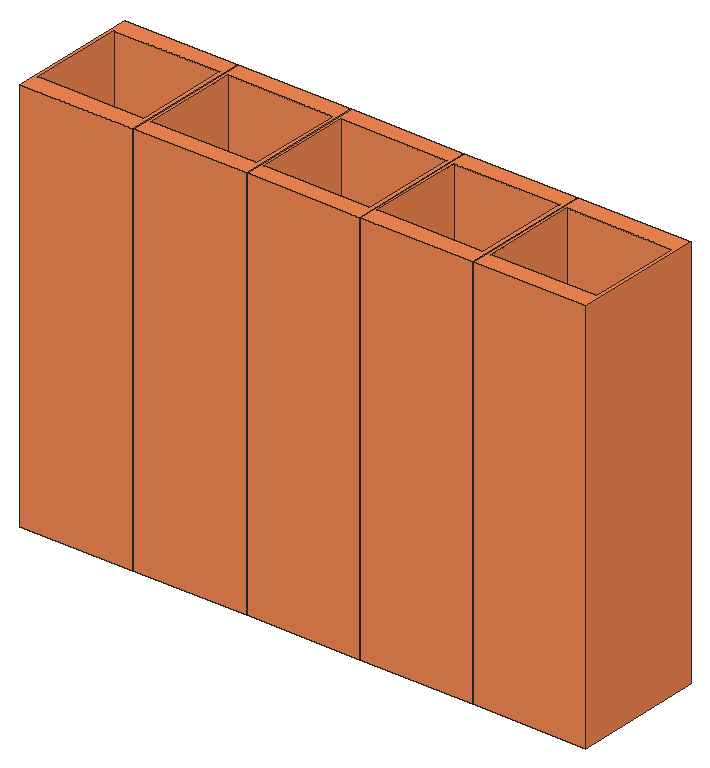
Revit family "Legrand_ElectricFireStopping_EZPathFirestopModule_Series44_Floor", category Equipement spécialisé, Revit 2020
Family settings
  Hôte = Sol
  Cote de connecteur circulaire = Utiliser le diamètre
  Type d'élément = Normal
  Numéro OmniClass = 23.20.50.14
  Titre OmniClass = Firestopping
  Toujours verticalement = Oui
  Couper avec des vides une fois chargée = Non
  Partagée = Non
  Point de calcul de pièce = Non
Parameters (values of type "5 Devices Cast In Place (Concrete Floors Only) (Series 44) Réf 5 x 250058 + 350704")
  group 4 device No = 0
  group 4 device 4 = group 4 device No > 3  # no
  group 4 device 3 = group 4 device No > 2  # no
  group 4 device 2 = group 4 device No > 1  # no
  group 4 device 1 = group 4 device No > 0  # no
  group 4 Upper Plate = Upper Plate No > 3  # no
  group 3 device No = 0
  group 3 device 4 = group 3 device No > 3  # no
  group 3 device 3 = group 3 device No > 2  # no
  group 3 device 2 = group 3 device No > 1  # no
  group 3 device 1 = group 3 device No > 0  # no
  group 3 Upper Plate = Upper Plate No > 2  # no
  group 2 device No = 1
  group 2 device 3 = group 2 device No > 2  # no
  group 1 device No = 4
  group 2 device 4 = group 2 device No > 3  # no
  group 2 device 2 = group 2 device No > 1  # no
  group 2 device 1 = group 2 device No > 0  # yes
  group 1 device 3 = group 1 device No > 2  # yes
  group 1 device 2 = group 1 device No > 1  # yes
  group 1 device 1 = group 1 device No > 0  # yes
  group 1 device 4 = group 1 device No > 3  # yes
  group 1 Upper Plate = Upper Plate No > 0  # no
  group 2 Upper Plate = Upper Plate No > 1  # no
  _DistributedBy = "www.bimstore.co.uk"
  _CurrentRevision = 2  # constant formula
  _CreatedBy = "https://www.legrand.co.uk/"
  _BimSpecGuid = 0
  _BSBibleVersion = 15  # constant formula
  _AuthorizedBy = "Kris Atkinson"
  _Author = "TechServ@stifirestop.com"
  Weight(Kg) = 2.67 kg
  WarrantyStartDate [instance] = "please record on commissioning"
  WarrantyGuarantorParts = "legrand.sales@legrand.co.uk"
  WarrantyGuarantorLabor = "n/a"
  WarrantyDurationUnit = "Years"
  WarrantyDurationParts = "0"
  WarrantyDurationLabor = "0"
  WarrantyDescription = "Firestop certification guaranteed throughout the entire lifetime of the electrical installation"
  VolumeExpansion = "800%"
  UpperPlateWidthBank1Centerline = 0.000000 mm
  UpperPlateWidthBank1 = 101.600000 mm
  Upper Plate No = 0
  UpperPlateFlangeThk = 1.587500 mm
  UpperPlateAboveLowerPlate = 41.275000 mm
  UpperPlateWidth = 101.600000 mm
  UpperPlateBackWidthThkBank1Centerline = 1.587500 mm
  UpperPlateBackWidthThkBank1 = 104.775000 mm
  UpperPlateBackWidthThk = 127.000000 mm
  UpperPlateBackPlateWidthBank1Centerline = 12.700000 mm
  UpperPlateBackPlateWidthBank1 = 127.000000 mm
  UpperPlateBackPlateWidth = 104.775000 mm
  UpperPlateBackFlangeThk = 1.587500 mm
  URL = "https://www.legrand.co.uk/products/cable-management/ez-path-fire-stopping-devices/"
  TypeName = Commentaires du type  # "5 Devices Cast In Place (Concrete Floors Only) (Series 44)"
  General Conditions of Use = "https://export.legrand.com/en/terms-of-use-BIM-objects"
  Elévation par défaut = 0.000000 mm
  Commentaires du type = "5 Devices Cast In Place (Concrete Floors Only) (Series 44)"
  TestedSystems = "https://www.legrand.co.uk/products/cable-management/ez-path-fire-stopping-devices/"
  TagNumber = "n/a"
  SpareParts = "n/a"
  SoundInsulation(ASTME90) = "STC 54"
  Size = "117x508mm"
  ShelfLife = "No Limit"
  Shape = "Rectangle (Series 44)"
  SerialNumber [instance] = "please record on commissioning"
  SecondaryModelNumberExtensions = "EZD44E"
  SecondaryModelNumberDevice = "EZD44T"
  SecondaryModelNumberBrackets = "EZP544MBE"
  SafetyDataSheet = "https://files.stifirestop.com/5.%20Safety%20Data%20Sheet/1.%20English/SDS_EZ-Path%2044+.pdf"
  RetainingPlate = Firestop-STI-EZ_Path-Retaining_Plate
  ReplacementCost = "n/a"
  Region = "Europe"
  ReferencedStandard = "CE Marking, EN 1366-3, ETA 130993"
  ReactionToFire(EN13501-1) = "Class E"
  ProductionYear = "2017"
  ProductPage = "https://www.legrand.co.uk/products/cable-management/ez-path-fire-stopping-devices/"
  NominalWidth = FloorWidthOpening  # 508.000000 mm
  NominalLength = EZPathOal  # 355.600000 mm
  NominalHeight = FloorHeightOpening  # 117.475000 mm
  NoOfExtensions = 0
  NoOfDevices = 5
  NBSReference = "30-85-30"
  NBSOfficeMasterTag = "n/a"
  NBSObjectName = "Legrand Electric Ltd - Fire Stopping"
  NBSNote = "n/a"
  NBSDescription = "Fire stopping systems"
  ModelReference = Modèle  # "EZ-Path® Permanent Automatic Mechanical Firestop System (Series 44) Floor"
  ModelNumberHangerBracket = "n/a"
  ModelNumberExtensions = "CM250178"
  ModelNumberDevice = "CM250058"
  ModelNumberBrackets = "CM350704"
  ModelNumberAccessoryBracket = "n/a"
  ModelNumber = ModelNumberDevice  # "CM250058"
  Modèle = "EZ-Path® Permanent Automatic Mechanical Firestop System (Series 44) Floor"
  Material = "1.5mm thk Galv Steel"
  ManufacturerName = Fabricant  # "Legrand Electric Ltd"
  Fabricant = "Legrand Electric Ltd"
  Note d'identification = "P12"
  InstallationDate [instance] = "please record on commissioning"
  InServiceTemperature = "Not to exceed 49 deg C"
  IfcExportType = "IfcBuildingElementPartTypeEnum.FIRESTOP"
  IfcExportAs = "IfcBuildingElementPart"
  Grade = "n/a"
  FireResistance(EN1366-3) = "2 Hours"
  FireRating = "Up to 4 Hr"
  Finish = "Powder Coated"
  Features = "The modules, which are suitable for all types of wall, can be assembled and installed horizontally or vertically to form a sturdy unit"
  Extidentifier [instance] = "please record on commissioning"
  ExpectedLife = 0
  ExpansionBegins = "177 deg C"
  EZPathDevice = Firestop-STI-EZ_Path-Series_44+_Fire_Rated_Pathway
  DurationUnit = "Years"
  DocumentationTechnical = "https://www.legrand.co.uk/products/cable-management/ez-path-fire-stopping-devices/"
  DocumentationMaintenance = "n/a"
  DocumentationLiterature = "https://specifi.bimstore.co.uk/document/share/2376"
  DocumentationInstallationGuide = "https://www.legrand.co.uk/products/cable-management/ez-path-fire-stopping-devices/"
  DocumentationCertificates = "n/a"
  Description = "EZ-Path is a mechanical device that provides fully compliant fire stopping for power and data cable management pathways."
  CreatedOn = "2018-01-02 T09:00:00"
  CreatedBy = "legrand.sales@legrand.co.uk"
  Constituents = "n/a"
  Color = "Red"
  CodePerformance = "Conforms to the European standard EN1366-3, BS476/20, ASTM E814 and DIN4102-9"
  ClassificationValue = "Ss_25_60_30"
  ClassificationName = "Uniclass2015"
  Classification(EN13501-2) = "EI 120"
  Base Plate ON OFF = 0
  BasePlateFillerPlateCenterlineLength3 = 0.000000 mm
  BasePlateFillerPlateCenterlineLength2 = 0.000000 mm
  BasePlateFillerPlateCenterlineLength1 = 0.000000 mm
  BasePlateFillerPlateCenterlineWidth3 = 0.000000 mm
  BasePlateFillerPlateCenterlineWidth2 = 0.000000 mm
  BasePlateFillerPlateCenterlineWidth1 = 0.000000 mm
  BasePlateFillerPlateWidth = 406.400000 mm
  BasePlateFillerPlateLength = 31.750000 mm
  BasePlateCenterlineLength = 136.525000 mm
  BasePlateCutoutCenterlineLength = 58.737500 mm
  BasePlateAboveFloor = 6.350000 mm
  BasePlateWidthCutout = 101.600000 mm
  BasePlateWidth = 263.525000 mm
  BasePlateLength = 273.050000 mm
  FloorWidthOpening = 508.000000 mm
  FloorHeightOpening = 117.475000 mm
  EZPathLoadingWidth = 95.250000 mm
  EZPathOal = 355.600000 mm
  EZPathAboveFloor = 50.006250 mm
  EZPathWidthCenterlineGroup4 = 0.000000 mm
  EZPathWidthCenterlineGroup3 = 0.000000 mm
  EZPathWidthCenterlineGroup2 = 152.400000 mm
  EZPathWidthCenterlineGroup1 = 50.800000 mm
  EZPathWidth = 101.600000 mm
  EZPathLoadingHeight = 85.725000 mm
  EZPathHeightCenterlineGroup4 = 0.000000 mm
  EZPathHeightCenterlineGroup3 = 0.000000 mm
  EZPathHeightCenterlineGroup2 = 0.000000 mm
  EZPathHeightCenterlineGroup1 = 0.000000 mm
  EZPathHeight = 117.475000 mm
  BasePlateCutoutLength = 117.475000 mm
  Base Plate Filler Plate No = 0
  Base Plate Filler Plate 3 = Base Plate Filler Plate No > 2  # no
  Base Plate Filler Plate 2 = Base Plate Filler Plate No > 1  # no
  Base Plate Filler Plate 1 = Base Plate Filler Plate No > 0  # no
  Base Plate = Base Plate ON OFF = 1  # no
  BarCode [instance] = "please record on commissioning"
  BIMObjectName = "Legrand_ElectricFireStopping_EZPathFirestopModule_Series44_Floor_5DeviceCastInPlace"
  AssetType = "Fixed"
  AssetIdentifier [instance] = "please record on commissioning"
  Code d'assemblage = "D4030900"
  AirLeakage(UL1479) = "1.57 m3/h 0% cable, 3.24 m3/h 100% cable"
  AccessibilityPerformance = "n/a"
Reference planes
  plane 1 "Center (Front/Back)": y = 0
  plane 2: z = 0
  plane 3 "Center (Left/Right)": x = 0
  plane 4: x = 101.6
  plane 5: x = 152.4
  plane 6: x = 50.8
  plane 7: x = 0
  plane 8: x = -50.8
  plane 9: x = -101.6
  plane 10: x = -152.4
  plane 11: x = -203.2
  plane 12: x = -254
  plane 13: y = 0
  plane 14: y = 58.738
  plane 15: y = -58.737
  plane 16: x = 53.975
  plane 17: x = 149.225
  plane 18: x = -47.625
  plane 19: x = 47.625
  plane 20: x = -149.225
  plane 21: x = -53.975
  plane 22: x = -250.825
  plane 23: x = -155.575
  plane 24: y = 42.862
  plane 25: y = -42.862
  plane 26: z = -305.594
  plane 27: z = 50.006
  plane 28: x = 152.4
  plane 29: x = 203.2
  plane 30: x = 101.6
  plane 31: x = 50.8
  plane 32: x = 0
  plane 33: x = -50.8
  plane 34: x = -101.6
  plane 35: x = -152.4
  plane 36: x = -203.2
  plane 37: y = 0
  plane 38: y = 58.738
  plane 39: y = -58.737
  plane 40: x = 104.775
  plane 41: x = 200.025
  plane 42: x = 3.175
  plane 43: x = 98.425
  plane 44: x = -98.425
  plane 45: x = -3.175
  plane 46: x = -200.025
  plane 47: x = -104.775
  plane 48: y = 42.862
  plane 49: y = -42.862
  plane 50: y = 58.738
  plane 51: y = -58.737
  plane 52: y = 0
  plane 53: x = 0
  plane 54: y = 58.737
  plane 55: y = -58.738
  plane 56: x = -50.8
  plane 57: x = 50.8
  plane 58: x = 101.6
  plane 59: x = 152.4
  plane 60: x = 203.2
  plane 61: x = 254
  plane 62: x = 304.8
  plane 63: x = 355.6
  plane 64: y = 42.862
  plane 65: y = -42.863
  plane 66: x = -47.625
  plane 67: x = 47.625
  plane 68: x = 53.975
  plane 69: x = 149.225
  plane 70: x = 155.575
  plane 71: x = 250.825
  plane 72: x = 257.175
  plane 73: x = 352.425
  plane 74: y = 0
  plane 75: y = 58.737
  plane 76: y = -58.738
  plane 77: x = -152.4
  plane 78: x = -101.6
  plane 79: x = -203.2
  plane 80: x = -50.8
  plane 81: x = 0
  plane 82: x = 50.8
  plane 83: x = 101.6
  plane 84: x = 152.4
  plane 85: x = 203.2
  plane 86: y = 42.862
  plane 87: y = -42.863
  plane 88: x = -200.025
  plane 89: x = -104.775
  plane 90: x = -98.425
  plane 91: x = -3.175
  plane 92: x = 3.175
  plane 93: x = 98.425
  plane 94: x = 200.025
  plane 95: x = 104.775
  plane 96: x = 254
  plane 97: x = -254
  plane 98: x = -131.762
  plane 99: x = 131.763
  plane 100: y = 136.525
  plane 101: y = -136.525
  plane 102: y = -58.737
  plane 103: y = 58.738
  plane 104: x = -50.8
  plane 105: x = 50.8
  plane 106: z = 6.35
  plane 107: y = 0
  plane 108: y = 15.875
  plane 109: y = -15.875
  plane 110: x = 203.2
  plane 111: x = 0
  plane 112: x = -203.2
  plane 113: y = 0
  plane 114: y = 15.875
  plane 115: y = -15.875
  plane 116: x = 0
  plane 117: x = -203.2
  plane 118: x = 203.2
  plane 119: y = 0
  plane 120: y = 15.875
  plane 121: y = -15.875
  plane 122: x = 0
  plane 123: x = 203.2
  plane 124: x = -203.2
  plane 125: x = -1306.513
  plane 126: z = 47.625
  plane 127: z = 46.038
  plane 128: y = 0
  plane 129: x = -50.8
  plane 130: x = 0
  plane 131: x = -101.6
  plane 132: y = 58.737
  plane 133: y = -58.737
  plane 134: y = 60.325
  plane 135: x = -63.5
  plane 136: x = 63.5
  plane 137: x = -52.387
  plane 138: x = 52.388
  plane 139: y = 71.437
  plane 140: z = 46.038
  plane 141: y = 0
  plane 142: x = 0
  plane 143: y = 58.738
  plane 144: y = -58.738
  plane 145: x = -50.8
  plane 146: x = 50.8
  plane 147: x = -52.387
  plane 148: y = -60.325
  plane 149: x = 52.388
  plane 150: y = 60.325
  plane 151: y = -71.437
  plane 152: x = -63.5
  plane 153: x = 63.5
  plane 154: x = -52.388
  plane 155: x = 52.387
  plane 156: x = -63.5
  plane 157: x = 63.5
  plane 158: y = 71.437
  plane 159: y = 0
  plane 160: y = 58.737
  plane 161: y = -58.737
  plane 162: x = 152.4
  plane 163: x = 101.6
  plane 164: x = 203.2
  plane 165: x = 100.013
  plane 166: y = -60.325
  plane 167: x = 204.788
  plane 168: y = 60.325
  plane 169: x = 100.012
  plane 170: x = 204.787
  plane 171: x = 88.9
  plane 172: y = -71.437
  plane 173: x = 215.9
  plane 174: y = 71.437
  plane 175: x = 88.9
  plane 176: x = 215.9
  plane 177: y = 0
  plane 178: x = 0
  plane 179: y = 58.738
  plane 180: y = -58.738
  plane 181: x = -50.8
  plane 182: x = 50.8
  plane 183: x = -52.387
  plane 184: y = -60.325
  plane 185: x = 52.388
  plane 186: y = 60.325
  plane 187: x = -52.388
  plane 188: x = 52.387
  plane 189: y = -71.437
  plane 190: x = -63.5
  plane 191: x = 63.5
  plane 192: y = 71.437
  plane 193: x = -63.5
  plane 194: x = 63.5
  plane 195: x = -50.8
  plane 196: x = 50.8
  plane 197: x = 52.387
  plane 198: y = -60.325
  plane 199: x = -52.388
  plane 200: x = -63.5
  plane 201: y = -71.437
  plane 202: x = 63.5
Forms (mm)
  Extrusion 1, solid, material "Firestop-STI-EZ_Path-Series_44+_Fire_Rated_Pathway", visible <- "group 1 device 4"
    sketch origin (0, 971.55, 0) x (1, 0, 0) y (0, 1, 0)
      loop
        line (-254, -1030.287) -> (-152.4, -1030.287) -> (-152.4, -912.812) -> (-254, -912.812) -> (-254, -1030.287)
    from -305.594 to 50.006
  Extrusion 2, solid, material "Firestop-STI-EZ_Path-Series_44+_Fire_Rated_Pathway", visible <- "group 1 device 2"
    sketch origin (0, 971.55, 0) x (1, 0, 0) y (0, 1, 0)
      loop
        line (-152.4, -1030.287) -> (-50.8, -1030.287) -> (-50.8, -912.812) -> (-152.4, -912.812) -> (-152.4, -1030.287)
    from -305.594 to 50.006
  Extrusion 3, solid, material "Firestop-STI-EZ_Path-Series_44+_Fire_Rated_Pathway", visible <- "group 1 device 1"
    sketch origin (0, 971.55, 0) x (1, 0, 0) y (0, 1, 0)
      loop
        line (-50.8, -1030.287) -> (50.8, -1030.287) -> (50.8, -912.812) -> (-50.8, -912.812) -> (-50.8, -1030.287)
    from -305.594 to 50.006
  Extrusion 4, solid, material "Firestop-STI-EZ_Path-Series_44+_Fire_Rated_Pathway", visible <- "group 1 device 3"
    sketch origin (0, 971.55, 0) x (1, 0, 0) y (0, 1, 0)
      loop
        line (50.8, -1030.287) -> (152.4, -1030.287) -> (152.4, -912.812) -> (50.8, -912.812) -> (50.8, -1030.287)
    from -305.594 to 50.006
  Extrusion 5, void
    sketch origin (0, 971.55, 0) x (1, 0, 0) y (0, 1, 0)
      loop
        line (-250.825, -1014.412) -> (-155.575, -1014.412) -> (-155.575, -928.687) -> (-250.825, -928.687) -> (-250.825, -1014.412)
    from -305.594 to 50.006
  Extrusion 6, void
    sketch origin (0, 971.55, 0) x (1, 0, 0) y (0, 1, 0)
      loop
        line (-149.225, -1014.412) -> (-53.975, -1014.412) -> (-53.975, -928.687) -> (-149.225, -928.687) -> (-149.225, -1014.412)
    from -305.594 to 50.006
  Extrusion 7, void
    sketch origin (0, 971.55, 0) x (1, 0, 0) y (0, 1, 0)
      loop
        line (-47.625, -1014.412) -> (47.625, -1014.412) -> (47.625, -928.687) -> (-47.625, -928.687) -> (-47.625, -1014.412)
    from -305.594 to 50.006
  Extrusion 8, void
    sketch origin (0, 971.55, 0) x (1, 0, 0) y (0, 1, 0)
      loop
        line (53.975, -1014.412) -> (149.225, -1014.412) -> (149.225, -928.687) -> (53.975, -928.687) -> (53.975, -1014.412)
    from -305.594 to 122.034
  Extrusion 9, solid, material "Firestop-STI-EZ_Path-Series_44+_Fire_Rated_Pathway", visible <- "group 3 device 4"
    sketch origin (-987.47, 828.585, 0) x (1, 0, 0) y (0, 1, 0)
      loop
        line (784.27, -887.323) -> (885.87, -887.323) -> (885.87, -769.848) -> (784.27, -769.848) -> (784.27, -887.323)
    from -305.594 to 50.006
  Extrusion 10, solid, material "Firestop-STI-EZ_Path-Series_44+_Fire_Rated_Pathway", visible <- "group 3 device 2"
    sketch origin (-987.47, 828.585, 0) x (1, 0, 0) y (0, 1, 0)
      loop
        line (885.87, -887.323) -> (987.47, -887.323) -> (987.47, -769.848) -> (885.87, -769.848) -> (885.87, -887.323)
    from -305.594 to 50.006
  Extrusion 11, solid, material "Firestop-STI-EZ_Path-Series_44+_Fire_Rated_Pathway", visible <- "group 3 device 1"
    sketch origin (-987.47, 828.585, 0) x (1, 0, 0) y (0, 1, 0)
      loop
        line (987.47, -887.323) -> (1089.07, -887.323) -> (1089.07, -769.848) -> (987.47, -769.848) -> (987.47, -887.323)
    from -305.594 to 50.006
  Extrusion 12, solid, material "Firestop-STI-EZ_Path-Series_44+_Fire_Rated_Pathway", visible <- "group 3 device 3"
    sketch origin (-987.47, 828.585, 0) x (1, 0, 0) y (0, 1, 0)
      loop
        line (1089.07, -887.323) -> (1190.67, -887.323) -> (1190.67, -769.848) -> (1089.07, -769.848) -> (1089.07, -887.323)
    from -305.594 to 50.006
  Extrusion 13, void
    sketch origin (0, 0, 0) x (1, 0, 0) y (0, 1, 0)
      loop
        line (-200.025, -42.862) -> (-104.775, -42.862) -> (-104.775, 42.863) -> (-200.025, 42.863) -> (-200.025, -42.862)
    from -305.594 to 50.006
  Extrusion 14, void
    sketch origin (0, 0, 0) x (1, 0, 0) y (0, 1, 0)
      loop
        line (-98.425, -42.862) -> (-3.175, -42.862) -> (-3.175, 42.863) -> (-98.425, 42.863) -> (-98.425, -42.862)
    from -305.594 to 50.006
  Extrusion 15, void
    sketch origin (0, 0, 0) x (1, 0, 0) y (0, 1, 0)
      loop
        line (3.175, -42.862) -> (98.425, -42.862) -> (98.425, 42.863) -> (3.175, 42.863) -> (3.175, -42.862)
    from -305.594 to 50.006
  Extrusion 16, void
    sketch origin (0, 0, 0) x (1, 0, 0) y (0, 1, 0)
      loop
        line (104.775, -42.862) -> (200.025, -42.862) -> (200.025, 42.863) -> (104.775, 42.863) -> (104.775, -42.862)
    from -305.594 to 50.006
  Extrusion 17, solid, material "Firestop-STI-EZ_Path-Series_44+_Fire_Rated_Pathway", visible <- "group 2 device 4"
    sketch origin (0, 0, 0) x (1, 0, 0) y (0, 1, 0)
      loop
        line (-50.8, -58.738) -> (50.8, -58.738) -> (50.8, 58.737) -> (-50.8, 58.737) -> (-50.8, -58.738)
    from -305.594 to 50.006
  Extrusion 18, void
    sketch origin (0, 0, 0) x (1, 0, 0) y (0, 1, 0)
      loop
        line (-47.625, -42.863) -> (47.625, -42.863) -> (47.625, 42.862) -> (-47.625, 42.862) -> (-47.625, -42.863)
    from -305.594 to 50.006
  Extrusion 19, solid, material "Firestop-STI-EZ_Path-Series_44+_Fire_Rated_Pathway", visible <- "group 2 device 2"
    sketch origin (0, 0, 0) x (1, 0, 0) y (0, 1, 0)
      loop
        line (50.8, -58.738) -> (152.4, -58.738) -> (152.4, 58.737) -> (50.8, 58.737) -> (50.8, -58.738)
    from -305.594 to 50.006
  Extrusion 20, solid, material "Firestop-STI-EZ_Path-Series_44+_Fire_Rated_Pathway", visible <- "group 2 device 1"
    sketch origin (0, 0, 0) x (1, 0, 0) y (0, 1, 0)
      loop
        line (152.4, -58.738) -> (254, -58.738) -> (254, 58.737) -> (152.4, 58.737) -> (152.4, -58.738)
    from -305.594 to 50.006
  Extrusion 21, solid, material "Firestop-STI-EZ_Path-Series_44+_Fire_Rated_Pathway", visible <- "group 2 device 3"
    sketch origin (0, 0, 0) x (1, 0, 0) y (0, 1, 0)
      loop
        line (254, -58.738) -> (355.6, -58.738) -> (355.6, 58.737) -> (254, 58.737) -> (254, -58.738)
    from -305.594 to 50.006
  Extrusion 22, void
    sketch origin (0, 0, 0) x (1, 0, 0) y (0, 1, 0)
      loop
        line (53.975, -42.863) -> (149.225, -42.863) -> (149.225, 42.862) -> (53.975, 42.862) -> (53.975, -42.863)
    from -305.594 to 50.006
  Extrusion 23, void
    sketch origin (0, 0, 0) x (1, 0, 0) y (0, 1, 0)
      loop
        line (155.575, -42.863) -> (250.825, -42.863) -> (250.825, 42.862) -> (155.575, 42.862) -> (155.575, -42.863)
    from -305.594 to 50.006
  Extrusion 24, void
    sketch origin (0, 0, 0) x (1, 0, 0) y (0, 1, 0)
      loop
        line (257.175, -42.863) -> (352.425, -42.863) -> (352.425, 42.862) -> (257.175, 42.862) -> (257.175, -42.863)
    from -305.594 to 50.006
  Extrusion 25, solid, material "Firestop-STI-EZ_Path-Series_44+_Fire_Rated_Pathway", visible <- "group 4 device 4"
    sketch origin (0, 0, 0) x (1, 0, 0) y (0, 1, 0)
      loop
        line (-203.2, -58.738) -> (-101.6, -58.738) -> (-101.6, 58.737) -> (-203.2, 58.737) -> (-203.2, -58.738)
    from -305.594 to 50.006
  Extrusion 26, solid, material "Firestop-STI-EZ_Path-Series_44+_Fire_Rated_Pathway", visible <- "group 4 device 2"
    sketch origin (0, 0, 0) x (1, 0, 0) y (0, 1, 0)
      loop
        line (-101.6, -58.738) -> (0, -58.738) -> (0, 58.737) -> (-101.6, 58.737) -> (-101.6, -58.738)
    from -305.594 to 50.006
  Extrusion 27, solid, material "Firestop-STI-EZ_Path-Series_44+_Fire_Rated_Pathway", visible <- "group 4 device 1"
    sketch origin (0, 0, 0) x (1, 0, 0) y (0, 1, 0)
      loop
        line (0, -58.738) -> (101.6, -58.738) -> (101.6, 58.738) -> (0, 58.738) -> (0, -58.738)
    from -305.594 to 50.006
  Extrusion 28, solid, material "Firestop-STI-EZ_Path-Series_44+_Fire_Rated_Pathway" <- "EZPathDevice", visible <- "group 4 device 3"
    sketch origin (0, 0, 0) x (1, 0, 0) y (0, 1, 0)
      loop
        line (101.6, -58.738) -> (203.2, -58.738) -> (203.2, 58.738) -> (101.6, 58.738) -> (101.6, -58.738)
    from -305.594 to 50.006
  Extrusion 29, void
    sketch origin (0, 0, 0) x (1, 0, 0) y (0, 1, 0)
      loop
        line (-200.025, -42.863) -> (-104.775, -42.863) -> (-104.775, 42.862) -> (-200.025, 42.862) -> (-200.025, -42.863)
    from -305.594 to 50.006
  Extrusion 30, void
    sketch origin (0, 0, 0) x (1, 0, 0) y (0, 1, 0)
      loop
        line (-98.425, -42.863) -> (-3.175, -42.863) -> (-3.175, 42.862) -> (-98.425, 42.862) -> (-98.425, -42.863)
    from -305.594 to 50.006
  Extrusion 31, void
    sketch origin (0, 0, 0) x (1, 0, 0) y (0, 1, 0)
      loop
        line (3.175, -42.863) -> (98.425, -42.863) -> (98.425, 42.862) -> (3.175, 42.862) -> (3.175, -42.863)
    from -305.594 to 50.006
  Extrusion 32, void
    sketch origin (0, 0, 0) x (1, 0, 0) y (0, 1, 0)
      loop
        line (104.775, -42.863) -> (200.025, -42.863) -> (200.025, 42.862) -> (104.775, 42.862) -> (104.775, -42.863)
    from -305.594 to 50.006
  Extrusion 33, solid, material "Firestop-STI-EZ_Path-Retaining_Plate" <- "RetainingPlate", visible <- "Base Plate", detail levels medium+fine
    sketch origin (0, 0, 0) x (1, 0, 0) y (0, 1, 0)
      loop
        line (-131.762, 136.525) -> (-131.762, -136.525) -> (131.763, -136.525) -> (131.763, 136.525) -> (-131.762, 136.525)
    from 0 to 6.35
  Extrusion 34, void
    sketch origin (0, 0, 0) x (1, 0, 0) y (0, 1, 0)
      loop
        line (-50.8, -58.737) -> (50.8, -58.737) -> (50.8, 58.738) -> (-50.8, 58.738) -> (-50.8, -58.737)
    from 0 to 6.35
  Extrusion 35, solid, material "Firestop-STI-EZ_Path-Retaining_Plate" <- "RetainingPlate", visible <- "Base Plate Filler Plate 3", detail levels medium+fine
    sketch origin (0, 0, 0) x (1, 0, 0) y (0, 1, 0)
      loop
        line (-203.2, -15.875) -> (203.2, -15.875) -> (203.2, 15.875) -> (-203.2, 15.875) -> (-203.2, -15.875)
    from 0 to 6.35
  Extrusion 36, solid, material "Firestop-STI-EZ_Path-Retaining_Plate" <- "RetainingPlate", visible <- "Base Plate Filler Plate 1", detail levels medium+fine
    sketch origin (0, 0, 0) x (1, 0, 0) y (0, 1, 0)
      loop
        line (-203.2, -15.875) -> (203.2, -15.875) -> (203.2, 15.875) -> (-203.2, 15.875) -> (-203.2, -15.875)
    from 0 to 6.35
  Extrusion 37, solid, material "Firestop-STI-EZ_Path-Retaining_Plate" <- "RetainingPlate", visible <- "Base Plate Filler Plate 2", detail levels medium+fine
    sketch origin (0, 0, 0) x (1, 0, 0) y (0, 1, 0)
      loop
        line (-203.2, -15.875) -> (203.2, -15.875) -> (203.2, 15.875) -> (-203.2, 15.875) -> (-203.2, -15.875)
    from 0 to 6.35
  Extrusion 38, solid, material "Firestop-STI-EZ_Path-Retaining_Plate" <- "RetainingPlate", visible <- "group 3 Upper Plate", detail levels medium+fine
    sketch origin (0, 0, 0) x (1, 0, 0) y (0, 1, 0)
      loop
        line (-50.8, 58.738) -> (-52.387, 58.738) -> (-52.387, -60.325) -> (52.388, -60.325) -> (52.388, 58.738) -> (50.8, 58.738) -> (50.8, -58.737) -> (-50.8, -58.737) -> (-50.8, 58.738)
    from 6.35 to 47.625
  Extrusion 39, solid, material "Firestop-STI-EZ_Path-Retaining_Plate" <- "RetainingPlate", visible <- "group 3 Upper Plate"
    sketch origin (0, 0, 0) x (1, 0, 0) y (0, 1, 0)
      loop
        line (-52.388, 58.738) -> (52.387, 58.738) -> (52.387, 60.325) -> (-52.388, 60.325) -> (-52.388, 58.738)
    from 6.35 to 47.625
  Extrusion 40, solid, material "Firestop-STI-EZ_Path-Retaining_Plate" <- "RetainingPlate", visible <- "group 3 Upper Plate", detail levels medium+fine
    sketch origin (0, 0, 0) x (1, 0, 0) y (0, 1, 0)
      loop
        line (-52.387, 60.325) -> (-63.5, 60.325) -> (-63.5, -71.437) -> (63.5, -71.437) -> (63.5, 60.325) -> (52.388, 60.325) -> (52.388, -60.325) -> (-52.387, -60.325) -> (-52.387, 60.325)
    from 46.038 to 47.625
  Extrusion 41, solid, material "Firestop-STI-EZ_Path-Retaining_Plate" <- "RetainingPlate", visible <- "group 3 Upper Plate", detail levels medium+fine
    sketch origin (0, 0, 0) x (1, 0, 0) y (0, 1, 0)
      loop
        line (-63.5, 60.325) -> (63.5, 60.325) -> (63.5, 71.438) -> (-63.5, 71.438) -> (-63.5, 60.325)
    from 46.038 to 47.625
  Extrusion 42, solid, material "Firestop-STI-EZ_Path-Retaining_Plate" <- "RetainingPlate", visible <- "group 2 Upper Plate", detail levels medium+fine
    sketch origin (4.589, -30.162, 0) x (1, 0, 0) y (0, 1, 0)
      loop
        line (97.011, 88.9) -> (95.424, 88.9) -> (95.424, -30.162) -> (200.199, -30.162) -> (200.199, 88.9) -> (198.611, 88.9) -> (198.611, -28.575) -> (97.011, -28.575) -> (97.011, 88.9)
    from 6.35 to 47.625
  Extrusion 43, solid, material "Firestop-STI-EZ_Path-Retaining_Plate" <- "RetainingPlate", visible <- "group 2 Upper Plate", detail levels medium+fine
    sketch origin (0, 0, 0) x (1, 0, 0) y (0, 1, 0)
      loop
        line (100.012, 58.737) -> (204.787, 58.737) -> (204.787, 60.325) -> (100.012, 60.325) -> (100.012, 58.737)
    from 6.35 to 47.625
  Extrusion 44, solid, material "Firestop-STI-EZ_Path-Retaining_Plate" <- "RetainingPlate", visible <- "group 2 Upper Plate", detail levels medium+fine
    sketch origin (0, 0, 0) x (1, 0, 0) y (0, 1, 0)
      loop
        line (88.9, 60.325) -> (215.9, 60.325) -> (215.9, 71.437) -> (88.9, 71.437) -> (88.9, 60.325)
    from 46.038 to 47.625
  Extrusion 45, solid, material "Firestop-STI-EZ_Path-Retaining_Plate" <- "RetainingPlate", visible <- "group 4 Upper Plate", detail levels medium+fine
    sketch origin (0, 0, 0) x (1, 0, 0) y (0, 1, 0)
      loop
        line (-50.8, 58.737) -> (-52.387, 58.737) -> (-52.387, -60.325) -> (52.388, -60.325) -> (52.388, 58.737) -> (50.8, 58.737) -> (50.8, -58.738) -> (-50.8, -58.738) -> (-50.8, 58.737)
    from 6.35 to 47.625
  Extrusion 46, solid, material "Firestop-STI-EZ_Path-Retaining_Plate" <- "RetainingPlate", visible <- "group 4 Upper Plate", detail levels medium+fine
    sketch origin (0, 0, 0) x (1, 0, 0) y (0, 1, 0)
      loop
        line (-52.388, 58.737) -> (52.387, 58.737) -> (52.387, 60.325) -> (-52.388, 60.325) -> (-52.388, 58.737)
    from 6.35 to 47.625
  Extrusion 47, solid, material "Firestop-STI-EZ_Path-Retaining_Plate" <- "RetainingPlate", visible <- "group 4 Upper Plate", detail levels medium+fine
    sketch origin (0, 0, 0) x (1, 0, 0) y (0, 1, 0)
      loop
        line (-63.5, 60.325) -> (-63.5, -71.437) -> (63.5, -71.437) -> (63.5, 60.325) -> (52.388, 60.325) -> (52.388, -60.325) -> (-52.387, -60.325) -> (-52.387, 60.325) -> (-63.5, 60.325)
    from 46.038 to 47.625
  Extrusion 48, solid, material "Firestop-STI-EZ_Path-Retaining_Plate", visible <- "group 1 Upper Plate", detail levels medium+fine
    sketch origin (0, 0, 0) x (1, 0, 0) y (0, 1, 0)
      loop
        line (52.387, 58.738) -> (50.8, 58.738) -> (50.8, -58.737) -> (-50.8, -58.737) -> (-50.8, 58.737) -> (-52.388, 58.737) -> (-52.388, -60.325) -> (52.387, -60.325) -> (52.387, 58.738)
    from 6.35 to 47.625
  Extrusion 49, solid, material "Firestop-STI-EZ_Path-Retaining_Plate", visible <- "group 1 Upper Plate", detail levels medium+fine
    sketch origin (0, 0, 0) x (1, 0, 0) y (0, 1, 0)
      loop
        line (63.5, 60.325) -> (52.387, 60.325) -> (52.387, -60.325) -> (-52.388, -60.325) -> (-52.388, 60.325) -> (-63.5, 60.325) -> (-63.5, -71.437) -> (63.5, -71.437) -> (63.5, 60.325)
    from 46.038 to 47.625
  Extrusion 50, solid, material "Firestop-STI-EZ_Path-Retaining_Plate" <- "RetainingPlate", visible <- "group 1 Upper Plate", detail levels medium+fine
    sketch origin (0, 0, 0) x (1, 0, 0) y (0, 1, 0)
      loop
        line (-52.388, 58.737) -> (52.388, 58.737) -> (52.388, 60.325) -> (-52.388, 60.325) -> (-52.388, 58.737)
    from 6.35 to 47.625
  Extrusion 51, solid, material "Firestop-STI-EZ_Path-Retaining_Plate" <- "RetainingPlate", visible <- "group 1 Upper Plate", detail levels medium+fine
    sketch origin (0, 0, 0) x (1, 0, 0) y (0, 1, 0)
      loop
        line (-63.5, 71.437) -> (-63.5, 60.325) -> (63.5, 60.325) -> (63.5, 71.437) -> (-63.5, 71.437)
    from 46.038 to 47.625
  Extrusion 52, solid, material "Firestop-STI-EZ_Path-Retaining_Plate" <- "RetainingPlate", visible <- "group 2 Upper Plate", detail levels medium+fine
    sketch origin (0, 0, 0) x (1, 0, 0) y (0, 1, 0)
      loop
        line (88.9, -71.437) -> (215.9, -71.437) -> (215.9, 60.325) -> (204.788, 60.325) -> (204.788, -60.325) -> (100.012, -60.325) -> (100.012, 60.325) -> (88.9, 60.325) -> (88.9, -71.437)
    from 46.038 to 47.625
  Extrusion 53, solid, material "Firestop-STI-EZ_Path-Retaining_Plate" <- "RetainingPlate", visible <- "group 4 Upper Plate", detail levels medium+fine
    sketch origin (0, 0, 0) x (1, 0, 0) y (0, 1, 0)
      loop
        line (63.5, 71.437) -> (-63.5, 71.437) -> (-63.5, 60.325) -> (63.5, 60.325) -> (63.5, 71.437)
    from 46.038 to 47.625
Cuts and joins
  Extrusion 5 cuts Extrusion 1
  Extrusion 6 cuts Extrusion 2
  Extrusion 7 cuts Extrusion 3
  Extrusion 8 cuts Extrusion 4
  Extrusion 13 cuts Extrusion 9
  Extrusion 14 cuts Extrusion 10
  Extrusion 15 cuts Extrusion 11
  Extrusion 16 cuts Extrusion 12
  Extrusion 18 cuts Extrusion 17
  Extrusion 22 cuts Extrusion 19
  Extrusion 23 cuts Extrusion 20
  Extrusion 24 cuts Extrusion 21
  Extrusion 29 cuts Extrusion 25
  Extrusion 30 cuts Extrusion 26
  Extrusion 31 cuts Extrusion 27
  Extrusion 32 cuts Extrusion 28
  Extrusion 34 cuts Extrusion 33
Lines and regions (mm)
  Opening 1
    outline origin (1524, 1524, 0) x (0, 1, 0) y (-1, 0, 0)
      loop
        line (-1582.737, 1778) -> (-1582.737, 1270) -> (-1465.262, 1270) -> (-1465.262, 1778) -> (-1582.737, 1778)
Dimensions and locks
  equal spacing: host sketch curve, plane 1 "Center (Front/Back)", host sketch curve
  equal spacing: host sketch curve, plane 3 "Center (Left/Right)", host sketch curve
  host sketch curve to host sketch curve = 3048.000000 mm  (x2)
  equal spacing: plane 6, plane 4, plane 5
  "EZPathWidth": plane 6 to plane 5
  equal spacing: plane 8, plane 7, plane 6
  "EZPathWidth": plane 8 to plane 6
  equal spacing: plane 10, plane 9, plane 8
  "EZPathWidth": plane 10 to plane 8
  equal spacing: plane 12, plane 11, plane 10
  "EZPathWidth": plane 12 to plane 10
  equal spacing: plane 14, plane 13, plane 15
  "EZPathHeight": plane 14 to plane 15
  equal spacing: plane 16, plane 4, plane 17
  "EZPathLoadingWidth": plane 16 to plane 17
  "EZPathLoadingWidth": plane 18 to plane 19
  equal spacing: plane 18, plane 7, plane 19
  "EZPathLoadingWidth": plane 20 to plane 21
  "EZPathLoadingWidth": plane 22 to plane 23
  equal spacing: plane 20, plane 9, plane 21
  equal spacing: plane 22, plane 11, plane 23
  equal spacing: plane 24, plane 13, plane 25
  "EZPathLoadingHeight": plane 24 to plane 25
  equal spacing: plane 30, plane 28, plane 29
  equal spacing: plane 32, plane 31, plane 30
  equal spacing: plane 34, plane 33, plane 32
  equal spacing: plane 36, plane 35, plane 34
  equal spacing: plane 38, plane 37, plane 39
  equal spacing: plane 40, plane 28, plane 41
  equal spacing: plane 42, plane 31, plane 43
  equal spacing: plane 44, plane 33, plane 45
  equal spacing: plane 46, plane 35, plane 47
  equal spacing: plane 48, plane 37, plane 49
  "EZPathWidth": plane 36 to plane 34
  "EZPathWidth": plane 34 to plane 32
  "EZPathWidth": plane 32 to plane 30
  "EZPathWidth": plane 30 to plane 29
  "EZPathHeight": plane 38 to plane 39
  "EZPathHeightCenterlineGroup3": plane 37 to plane 1 "Center (Front/Back)"
  "EZPathHeightCenterlineGroup1": plane 13 to plane 1 "Center (Front/Back)"
  "EZPathWidthCenterlineGroup1": plane 8 to plane 3 "Center (Left/Right)"
  "EZPathWidthCenterlineGroup3": plane 32 to plane 3 "Center (Left/Right)"
  "EZPathLoadingWidth": plane 46 to plane 47
  "EZPathLoadingWidth": plane 44 to plane 45
  "EZPathLoadingWidth": plane 42 to plane 43
  "EZPathLoadingWidth": plane 40 to plane 41
  "EZPathLoadingHeight": plane 48 to plane 49
  equal spacing: plane 50, plane 1 "Center (Front/Back)", plane 51
  "FloorHeightOpening": plane 50 to plane 51
  equal spacing: plane 56, plane 53, plane 57
  "EZPathWidth": plane 56 to plane 57
  equal spacing: plane 54, plane 52, plane 55
  "EZPathHeight": plane 54 to plane 55
  equal spacing: plane 57, plane 58, plane 59
  "EZPathWidth": plane 57 to plane 59
  equal spacing: plane 59, plane 60, plane 61
  "EZPathWidth": plane 59 to plane 61
  equal spacing: plane 61, plane 62, plane 63
  "EZPathWidth": plane 61 to plane 63
  "EZPathWidthCenterlineGroup2": plane 3 "Center (Left/Right)" to plane 59
  "EZPathHeightCenterlineGroup2": plane 52 to plane 1 "Center (Front/Back)"
  equal spacing: plane 64, plane 52, plane 65
  "EZPathLoadingHeight": plane 64 to plane 65
  equal spacing: plane 66, plane 53, plane 67
  "EZPathLoadingWidth": plane 66 to plane 67
  equal spacing: plane 68, plane 58, plane 69
  "EZPathLoadingWidth": plane 68 to plane 69
  equal spacing: plane 70, plane 60, plane 71
  "EZPathLoadingWidth": plane 70 to plane 71
  equal spacing: plane 72, plane 62, plane 73
  "EZPathLoadingWidth": plane 72 to plane 73
  equal spacing: plane 75, plane 74, plane 76
  "EZPathHeight": plane 75 to plane 76
  equal spacing: plane 79, plane 77, plane 78
  "EZPathWidth": plane 79 to plane 78
  equal spacing: plane 78, plane 80, plane 81
  "EZPathWidth": plane 78 to plane 81
  equal spacing: plane 81, plane 82, plane 83
  "EZPathWidth": plane 81 to plane 83
  equal spacing: plane 83, plane 84, plane 85
  "EZPathWidth": plane 83 to plane 85
  "EZPathLoadingHeight": plane 86 to plane 87
  equal spacing: plane 88, plane 77, plane 89
  "EZPathLoadingWidth": plane 88 to plane 89
  equal spacing: plane 90, plane 80, plane 91
  "EZPathLoadingWidth": plane 90 to plane 91
  equal spacing: plane 92, plane 82, plane 93
  "EZPathLoadingWidth": plane 92 to plane 93
  equal spacing: plane 86, plane 74, plane 87
  equal spacing: plane 95, plane 84, plane 94
  "EZPathLoadingWidth": plane 95 to plane 94
  "EZPathHeightCenterlineGroup4": plane 74 to plane 1 "Center (Front/Back)"
  "EZPathWidthCenterlineGroup4": plane 3 "Center (Left/Right)" to plane 81
  equal spacing: plane 97, plane 3 "Center (Left/Right)", plane 96
  "FloorWidthOpening": plane 97 to plane 96
  "EZPathAboveFloor": plane 27 to level
  "EZPathOal": plane 27 to plane 26
  equal spacing: plane 98, plane 3 "Center (Left/Right)", plane 99
  "BasePlateWidth": plane 98 to plane 99
  "BasePlateLength": plane 100 to plane 101
  "BasePlateCutoutLength": plane 103 to plane 102
  equal spacing: plane 104, plane 3 "Center (Left/Right)", plane 105
  "BasePlateWidthCutout": plane 104 to plane 105
  "BasePlateAboveFloor": level to plane 106
  "BasePlateCutoutCenterlineLength": plane 103 to plane 1 "Center (Front/Back)"
  "BasePlateCenterlineLength": plane 100 to plane 1 "Center (Front/Back)"
  equal spacing: plane 108, plane 107, plane 109
  "BasePlateFillerPlateLength": plane 108 to plane 109
  equal spacing: plane 112, plane 111, plane 110
  "BasePlateFillerPlateWidth": plane 112 to plane 110
  equal spacing: plane 114, plane 113, plane 115
  "BasePlateFillerPlateLength": plane 114 to plane 115
  equal spacing: plane 117, plane 116, plane 118
  "BasePlateFillerPlateWidth": plane 117 to plane 118
  equal spacing: plane 120, plane 119, plane 121
  "BasePlateFillerPlateLength": plane 120 to plane 121
  equal spacing: plane 124, plane 122, plane 123
  "BasePlateFillerPlateWidth": plane 124 to plane 123
  "BasePlateFillerPlateCenterlineWidth1": plane 116 to plane 3 "Center (Left/Right)"
  "BasePlateFillerPlateCenterlineLength1": plane 113 to plane 1 "Center (Front/Back)"
  "BasePlateFillerPlateCenterlineWidth2": plane 3 "Center (Left/Right)" to plane 122
  "BasePlateFillerPlateCenterlineLength2": plane 1 "Center (Front/Back)" to plane 119
  "BasePlateFillerPlateCenterlineWidth3": plane 111 to plane 3 "Center (Left/Right)"
  "BasePlateFillerPlateCenterlineLength3": plane 1 "Center (Front/Back)" to plane 107
  equal spacing: plane 132, plane 128, plane 133, locked at 58.737 each
  "EZPathHeight": plane 132 to plane 133
  equal spacing: plane 131, plane 129, plane 130
  "UpperPlateWidth": plane 131 to plane 130
  locked: plane 134 to plane 132 at 1.588
  plane 126 to Extrusion 35 = 41.275000 mm
  "UpperPlateBackPlateWidthBank1": plane 135 to plane 136
  "UpperPlateFlangeThk": plane 126 to plane 127
  "UpperPlateBackWidthThkBank1": plane 137 to plane 138
  locked: plane 139 to plane 134 at 11.113
  "UpperPlateBackFlangeThk": plane 126 to plane 140
  "EZPathHeightCenterlineGroup1": plane 128 to plane 1 "Center (Front/Back)"
  equal spacing: plane 145, plane 142, plane 146
  "UpperPlateWidth": plane 145 to plane 146
  equal spacing: plane 143, plane 141, plane 144
  "EZPathHeight": plane 143 to plane 144
  locked: plane 146 to plane 149 at 1.587
  locked: plane 147 to plane 145 at 1.588
  locked: plane 144 to plane 148 at 1.587
  equal spacing: plane 154, plane 142, plane 155
  "UpperPlateBackPlateWidth": plane 154 to plane 155
  locked: plane 150 to plane 143 at 1.588
  locked: plane 152 to plane 147 at 11.113
  locked: plane 148 to plane 151 at 11.113
  locked: plane 149 to plane 153 at 11.113
  equal spacing: plane 156, plane 142, plane 157
  locked: plane 158 to plane 150 at 11.113
  "UpperPlateBackWidthThk": plane 156 to plane 157
  "EZPathHeightCenterlineGroup3": plane 141 to plane 1 "Center (Front/Back)"
  "EZPathWidthCenterlineGroup3": plane 142 to plane 3 "Center (Left/Right)"
  equal spacing: plane 160, plane 159, plane 161
  equal spacing: plane 163, plane 162, plane 164
  "EZPathHeight": plane 160 to plane 161
  "UpperPlateWidth": plane 163 to plane 164
  locked: plane 161 to plane 166 at 1.588
  locked: plane 165 to plane 163 at 1.587
  locked: plane 164 to plane 167 at 1.588
  equal spacing: plane 169, plane 162, plane 170
  "UpperPlateBackPlateWidth": plane 169 to plane 170
  locked: plane 168 to plane 160 at 1.588
  locked: plane 171 to plane 165 at 11.113
  locked: plane 166 to plane 172 at 11.112
  locked: plane 167 to plane 173 at 11.113
  equal spacing: plane 175, plane 162, plane 176
  "UpperPlateBackWidthThk": plane 175 to plane 176
  locked: plane 174 to plane 168 at 11.113
  "EZPathWidthCenterlineGroup2": plane 3 "Center (Left/Right)" to plane 162
  "EZPathHeightCenterlineGroup2": plane 1 "Center (Front/Back)" to plane 159
  equal spacing: plane 179, plane 177, plane 180
  "EZPathHeight": plane 179 to plane 180
  equal spacing: plane 181, plane 178, plane 182
  "UpperPlateWidth": plane 181 to plane 182
  locked: plane 180 to plane 184 at 1.588
  locked: plane 183 to plane 181 at 1.588
  locked: plane 182 to plane 185 at 1.588
  equal spacing: plane 187, plane 178, plane 188
  "UpperPlateBackPlateWidth": plane 187 to plane 188
  locked: plane 186 to plane 179 at 1.588
  locked: plane 184 to plane 189 at 11.113
  locked: plane 190 to plane 183 at 11.113
  locked: plane 185 to plane 191 at 11.113
  equal spacing: plane 193, plane 178, plane 194
  "UpperPlateBackWidthThk": plane 193 to plane 194
  "EZPathHeightCenterlineGroup4": plane 1 "Center (Front/Back)" to plane 177
  locked: plane 192 to plane 186 at 11.113
  "UpperPlateBackWidthThkBank1Centerline": plane 137 to plane 129
  "UpperPlateBackPlateWidthBank1Centerline": plane 135 to plane 129
  "UpperPlateWidthBank1": plane 195 to plane 196
  "UpperPlateWidthBank1Centerline": plane 195 to plane 129
  locked: plane 199 to plane 195 at 1.587
  locked: plane 133 to plane 198 at 1.588
  locked: plane 196 to plane 197 at 1.587
  locked: plane 200 to plane 199 at 11.112
  locked: plane 198 to plane 201 at 11.112
  locked: plane 197 to plane 202 at 11.112
  "EZPathWidthCenterlineGroup4": plane 3 "Center (Left/Right)" to plane 178
  "EZPathWidthCenterlineGroup1": plane 129 to plane 3 "Center (Left/Right)"
  aligned and locked: level to plane 2
  aligned and locked: Extrusion 1 sketch curve to plane 15
  aligned and locked: plane 12 to Extrusion 1 sketch curve
  aligned and locked: Extrusion 1 sketch curve to plane 14
  aligned and locked: Extrusion 1 sketch curve to plane 10
  aligned and locked: Extrusion 2 sketch curve to plane 14
  aligned and locked: Extrusion 2 sketch curve to plane 8
  aligned and locked: Extrusion 3 sketch curve to plane 14
  aligned and locked: Extrusion 3 sketch curve to plane 6
  aligned and locked: Extrusion 3 to Extrusion 4 sketch curve
  aligned and locked: Extrusion 4 sketch curve to Extrusion 3
  aligned and locked: Extrusion 4 sketch curve to plane 14
  aligned and locked: Extrusion 4 sketch curve to plane 5
  aligned and locked: plane 25 to Extrusion 5 sketch curve
  aligned and locked: plane 22 to Extrusion 5 sketch curve
  aligned and locked: Extrusion 5 sketch curve to plane 24
  aligned and locked: Extrusion 5 sketch curve to plane 23
  aligned and locked: plane 25 to Extrusion 6 sketch curve
  aligned and locked: plane 20 to Extrusion 6 sketch curve
  aligned and locked: Extrusion 6 sketch curve to plane 24
  aligned and locked: Extrusion 6 sketch curve to plane 21
  aligned and locked: plane 25 to Extrusion 7 sketch curve
  aligned and locked: plane 18 to Extrusion 7 sketch curve
  aligned and locked: Extrusion 7 sketch curve to plane 24
  aligned and locked: Extrusion 7 sketch curve to plane 19
  aligned and locked: plane 25 to Extrusion 8 sketch curve
  aligned and locked: plane 16 to Extrusion 8 sketch curve
  aligned and locked: Extrusion 8 sketch curve to plane 24
  aligned and locked: Extrusion 8 sketch curve to plane 17
  aligned and locked: Extrusion 4 to plane 26
  aligned: level to Extrusion 4
  aligned and locked: Extrusion 4 to Extrusion 8
  aligned: level to Extrusion 8
  aligned and locked: cut or joined group of Extrusion 4, Extrusion 8 to Extrusion 3  (x2)
  aligned: level to Extrusion 3
  aligned and locked: Extrusion 3 to Extrusion 7  (x2)
  aligned: level to Extrusion 7
  aligned and locked: cut or joined group of Extrusion 3, Extrusion 7 to Extrusion 2  (x2)
  aligned: level to Extrusion 2
  aligned and locked: Extrusion 2 to Extrusion 6  (x2)
  aligned: level to Extrusion 6
  aligned and locked: cut or joined group of Extrusion 2, Extrusion 6 to Extrusion 1  (x2)
  aligned: level to Extrusion 1
  aligned and locked: Extrusion 1 to Extrusion 5  (x2)
  aligned: level to Extrusion 5
  aligned and locked: plane 27 to Extrusion 4
  aligned and locked: plane 39 to Extrusion 9 sketch curve
  aligned and locked: plane 36 to Extrusion 9 sketch curve
  aligned and locked: Extrusion 9 sketch curve to plane 38
  aligned and locked: Extrusion 9 sketch curve to plane 34
  aligned and locked: Extrusion 9 to Extrusion 10 sketch curve
  aligned and locked: Extrusion 10 sketch curve to Extrusion 9
  aligned and locked: Extrusion 10 sketch curve to plane 38
  aligned and locked: Extrusion 10 sketch curve to plane 32
  aligned and locked: Extrusion 10 to Extrusion 11 sketch curve
  aligned and locked: Extrusion 11 sketch curve to Extrusion 10
  aligned and locked: Extrusion 11 sketch curve to plane 38
  aligned and locked: Extrusion 11 sketch curve to plane 30
  aligned and locked: Extrusion 11 to Extrusion 12 sketch curve
  aligned and locked: Extrusion 12 sketch curve to Extrusion 11
  aligned and locked: Extrusion 12 sketch curve to plane 38
  aligned and locked: Extrusion 12 sketch curve to plane 29
  aligned and locked: Extrusion 12 to cut or joined group of Extrusion 1, Extrusion 5  (x2)
  aligned and locked: Extrusion 11 to cut or joined group of Extrusion 1, Extrusion 5
  aligned and locked: cut or joined group of Extrusion 1, Extrusion 5 to Extrusion 11
  aligned and locked: Extrusion 10 to cut or joined group of Extrusion 1, Extrusion 5
  aligned and locked: cut or joined group of Extrusion 1, Extrusion 5 to Extrusion 10
  aligned and locked: cut or joined group of Extrusion 1, Extrusion 5 to Extrusion 9
  aligned and locked: Extrusion 9 to cut or joined group of Extrusion 1, Extrusion 5
  aligned and locked: plane 15 to Extrusion 2
  aligned and locked: plane 15 to Extrusion 3
  aligned and locked: plane 49 to Extrusion 13 sketch curve
  aligned and locked: plane 46 to Extrusion 13 sketch curve
  aligned and locked: Extrusion 13 sketch curve to plane 48
  aligned and locked: Extrusion 13 sketch curve to plane 47
  aligned and locked: plane 49 to Extrusion 14 sketch curve
  aligned and locked: plane 44 to Extrusion 14 sketch curve
  aligned and locked: Extrusion 14 sketch curve to plane 48
  aligned and locked: Extrusion 14 sketch curve to plane 45
  aligned and locked: plane 49 to Extrusion 15 sketch curve
  aligned and locked: plane 42 to Extrusion 15 sketch curve
  aligned and locked: Extrusion 15 sketch curve to plane 48
  aligned and locked: Extrusion 15 sketch curve to plane 43
  aligned and locked: plane 49 to Extrusion 16 sketch curve
  aligned and locked: plane 40 to Extrusion 16 sketch curve
  aligned and locked: Extrusion 16 sketch curve to plane 48
  aligned and locked: Extrusion 16 sketch curve to plane 41
  aligned and locked: Extrusion 15 to plane 26
  aligned and locked: plane 27 to Extrusion 15
  aligned and locked: Extrusion 16 to plane 26
  aligned and locked: plane 27 to Extrusion 16
  aligned and locked: Extrusion 14 to plane 26
  aligned and locked: plane 27 to Extrusion 14
  aligned and locked: Extrusion 13 to plane 26
  aligned and locked: plane 27 to Extrusion 13
  aligned and locked: Extrusion 17 sketch curve to plane 55
  aligned and locked: Extrusion 17 sketch curve to plane 56
  aligned and locked: plane 54 to Extrusion 17 sketch curve
  aligned and locked: plane 57 to Extrusion 17 sketch curve
  aligned and locked: Extrusion 18 sketch curve to plane 65
  aligned and locked: Extrusion 18 sketch curve to plane 66
  aligned and locked: plane 64 to Extrusion 18 sketch curve
  aligned and locked: plane 67 to Extrusion 18 sketch curve
  aligned and locked: cut or joined group of Extrusion 1, Extrusion 5 to Extrusion 18
  aligned and locked: Extrusion 18 to cut or joined group of Extrusion 1, Extrusion 5
  aligned and locked: Extrusion 17 to cut or joined group of Extrusion 1, Extrusion 5
  aligned and locked: cut or joined group of Extrusion 1, Extrusion 5 to Extrusion 17
  aligned and locked: Extrusion 19 sketch curve to plane 57
  aligned and locked: plane 59 to Extrusion 19 sketch curve
  aligned and locked: plane 54 to Extrusion 19 sketch curve
  aligned and locked: Extrusion 19 sketch curve to plane 55
  aligned and locked: Extrusion 20 sketch curve to plane 59
  aligned and locked: plane 61 to Extrusion 20 sketch curve
  aligned and locked: Extrusion 20 sketch curve to plane 55
  aligned and locked: plane 54 to Extrusion 20 sketch curve
  aligned and locked: Extrusion 21 sketch curve to plane 61
  aligned and locked: plane 63 to Extrusion 21 sketch curve
  aligned and locked: Extrusion 21 sketch curve to plane 55
  aligned and locked: plane 54 to Extrusion 21 sketch curve
  aligned and locked: Extrusion 22 sketch curve to plane 65
  aligned and locked: Extrusion 22 sketch curve to plane 68
  aligned and locked: plane 64 to Extrusion 22 sketch curve
  aligned and locked: plane 69 to Extrusion 22 sketch curve
  aligned and locked: Extrusion 23 sketch curve to plane 65
  aligned and locked: Extrusion 23 sketch curve to plane 70
  aligned and locked: plane 64 to Extrusion 23 sketch curve
  aligned and locked: plane 71 to Extrusion 23 sketch curve
  aligned and locked: Extrusion 24 sketch curve to plane 65
  aligned and locked: Extrusion 24 sketch curve to plane 72
  aligned and locked: plane 64 to Extrusion 24 sketch curve
  aligned and locked: plane 73 to Extrusion 24 sketch curve
  aligned and locked: cut or joined group of Extrusion 2, Extrusion 6 to Extrusion 22
  aligned and locked: Extrusion 22 to cut or joined group of Extrusion 2, Extrusion 6
  aligned and locked: Extrusion 19 to cut or joined group of Extrusion 2, Extrusion 6
  aligned and locked: cut or joined group of Extrusion 2, Extrusion 6 to Extrusion 19
  aligned and locked: cut or joined group of Extrusion 2, Extrusion 6 to Extrusion 23
  aligned and locked: Extrusion 23 to cut or joined group of Extrusion 2, Extrusion 6
  aligned and locked: Extrusion 20 to cut or joined group of Extrusion 2, Extrusion 6
  aligned and locked: cut or joined group of Extrusion 2, Extrusion 6 to Extrusion 20
  aligned and locked: cut or joined group of Extrusion 3, Extrusion 7 to Extrusion 24
  aligned and locked: Extrusion 24 to cut or joined group of Extrusion 3, Extrusion 7
  aligned and locked: Extrusion 21 to cut or joined group of Extrusion 3, Extrusion 7
  aligned and locked: cut or joined group of Extrusion 3, Extrusion 7 to Extrusion 21
  aligned and locked: Extrusion 25 sketch curve to plane 79
  aligned and locked: plane 78 to Extrusion 25 sketch curve
  aligned and locked: plane 75 to Extrusion 25 sketch curve
  aligned and locked: Extrusion 25 sketch curve to plane 76
  aligned and locked: Extrusion 26 sketch curve to plane 78
  aligned and locked: plane 81 to Extrusion 26 sketch curve
  aligned and locked: plane 75 to Extrusion 26
  aligned and locked: Extrusion 26 to plane 76
  aligned and locked: Extrusion 27 sketch curve to plane 81
  aligned and locked: plane 83 to Extrusion 27 sketch curve
  aligned and locked: plane 75 to Extrusion 27
  aligned and locked: Extrusion 27 to plane 76
  aligned and locked: Extrusion 28 sketch curve to plane 83
  aligned and locked: plane 85 to Extrusion 28 sketch curve
  aligned and locked: plane 75 to Extrusion 28
  aligned and locked: Extrusion 28 to plane 76
  aligned and locked: Extrusion 29 sketch curve to plane 87
  aligned and locked: Extrusion 29 sketch curve to plane 88
  aligned and locked: plane 86 to Extrusion 29 sketch curve
  aligned and locked: plane 89 to Extrusion 29 sketch curve
  aligned and locked: Extrusion 30 sketch curve to plane 87
  aligned and locked: Extrusion 30 sketch curve to plane 90
  aligned and locked: plane 86 to Extrusion 30 sketch curve
  aligned and locked: plane 91 to Extrusion 30 sketch curve
  aligned and locked: Extrusion 31 sketch curve to plane 87
  aligned and locked: Extrusion 31 sketch curve to plane 92
  aligned and locked: plane 86 to Extrusion 31 sketch curve
  aligned and locked: plane 93 to Extrusion 31 sketch curve
  aligned and locked: Extrusion 32 sketch curve to plane 87
  aligned and locked: Extrusion 32 sketch curve to plane 95
  aligned and locked: plane 86 to Extrusion 32 sketch curve
  aligned and locked: plane 94 to Extrusion 32
  aligned and locked: cut or joined group of Extrusion 1, Extrusion 5 to Extrusion 32
  aligned and locked: Extrusion 32 to cut or joined group of Extrusion 1, Extrusion 5
  aligned and locked: cut or joined group of Extrusion 1, Extrusion 5 to Extrusion 28
  aligned and locked: Extrusion 28 to cut or joined group of Extrusion 1, Extrusion 5
  aligned and locked: cut or joined group of Extrusion 1, Extrusion 5 to Extrusion 31
  aligned and locked: Extrusion 31 to cut or joined group of Extrusion 1, Extrusion 5
  aligned and locked: Extrusion 27 to cut or joined group of Extrusion 1, Extrusion 5
  aligned and locked: cut or joined group of Extrusion 1, Extrusion 5 to Extrusion 27
  aligned and locked: Extrusion 30 to cut or joined group of Extrusion 1, Extrusion 5
  aligned and locked: cut or joined group of Extrusion 1, Extrusion 5 to Extrusion 30
  aligned and locked: cut or joined group of Extrusion 1, Extrusion 5 to Extrusion 26
  aligned and locked: Extrusion 26 to cut or joined group of Extrusion 1, Extrusion 5
  aligned and locked: cut or joined group of Extrusion 1, Extrusion 5 to Extrusion 29
  aligned and locked: Extrusion 29 to cut or joined group of Extrusion 1, Extrusion 5
  aligned and locked: cut or joined group of Extrusion 1, Extrusion 5 to Extrusion 25
  aligned and locked: Extrusion 25 to cut or joined group of Extrusion 1, Extrusion 5
  aligned and locked: Opening 1 sketch curve to plane 51
  aligned and locked: plane 97 to Opening 1 sketch curve
  aligned and locked: plane 50 to Opening 1 sketch curve
  aligned and locked: Opening 1 sketch curve to plane 96
  aligned and locked: Extrusion 33 sketch curve to plane 100
  aligned and locked: Extrusion 33 sketch curve to plane 98
  aligned and locked: plane 101 to Extrusion 33 sketch curve
  aligned and locked: plane 99 to Extrusion 33 sketch curve
  aligned and locked: Extrusion 34 sketch curve to plane 102
  aligned and locked: plane 104 to Extrusion 34 sketch curve
  aligned and locked: plane 103 to Extrusion 34 sketch curve
  aligned and locked: Extrusion 34 sketch curve to plane 105
  aligned and locked: Extrusion 33 to level
  aligned and locked: plane 106 to Extrusion 33
  aligned and locked: plane 109 to Extrusion 35 sketch curve
  aligned and locked: Extrusion 35 sketch curve to plane 112
  aligned and locked: Extrusion 35 sketch curve to plane 108
  aligned and locked: plane 110 to Extrusion 35 sketch curve
  aligned and locked: Extrusion 35 to level
  aligned and locked: plane 106 to Extrusion 35
  aligned and locked: plane 115 to Extrusion 36 sketch curve
  aligned and locked: plane 117 to Extrusion 36 sketch curve
  aligned and locked: Extrusion 36 sketch curve to plane 114
  aligned and locked: Extrusion 36 sketch curve to plane 118
  aligned and locked: Extrusion 37 sketch curve to plane 121
  aligned and locked: Extrusion 37 sketch curve to plane 124
  aligned and locked: plane 120 to Extrusion 37 sketch curve
  aligned and locked: plane 123 to Extrusion 37 sketch curve
  aligned and locked: Extrusion 36 to cut or joined group of Extrusion 33, Extrusion 34
  aligned and locked: Extrusion 36 to level
  aligned and locked: Extrusion 37 to level
  aligned and locked: Extrusion 37 to cut or joined group of Extrusion 33, Extrusion 34
  aligned and locked: plane 147 to Extrusion 38 sketch curve
  aligned and locked: Extrusion 38 sketch curve to plane 143
  aligned and locked: plane 145 to Extrusion 38 sketch curve
  aligned and locked: Extrusion 38 sketch curve to plane 149
  aligned and locked: plane 144 to Extrusion 38 sketch curve
  aligned and locked: plane 143 to Extrusion 38 sketch curve
  aligned and locked: plane 146 to Extrusion 38 sketch curve
  aligned and locked: Extrusion 38 to plane 106
  aligned and locked: plane 126 to Extrusion 38
  aligned and locked: plane 143 to Extrusion 39 sketch curve
  aligned and locked: plane 154 to Extrusion 39 sketch curve
  aligned and locked: Extrusion 39 sketch curve to plane 150
  aligned and locked: Extrusion 39 sketch curve to plane 155
  aligned and locked: Extrusion 39 to plane 106
  aligned and locked: plane 126 to Extrusion 39
  aligned and locked: Extrusion 40 sketch curve to plane 147
  aligned and locked: plane 149 to Extrusion 40 sketch curve
  aligned and locked: Extrusion 40 sketch curve to plane 150  (x2)
  aligned and locked: plane 153 to Extrusion 40 sketch curve
  aligned and locked: plane 152 to Extrusion 40 sketch curve
  aligned and locked: plane 151 to Extrusion 40 sketch curve
  aligned and locked: plane 126 to Extrusion 40
  aligned and locked: Extrusion 40 to plane 127
  aligned and locked: plane 150 to Extrusion 41 sketch curve
  aligned and locked: plane 156 to Extrusion 41 sketch curve
  aligned and locked: Extrusion 41 sketch curve to plane 158
  aligned and locked: Extrusion 41 sketch curve to plane 157
  aligned: Extrusion 41 to plane 127
  aligned and locked: plane 126 to Extrusion 41
  aligned and locked: Extrusion 42 sketch curve to plane 165
  aligned and locked: Extrusion 42 sketch curve to plane 166
  aligned and locked: Extrusion 42 sketch curve to plane 167
  aligned and locked: plane 161 to Extrusion 42
  aligned and locked: Extrusion 42 to plane 164
  aligned and locked: plane 160 to Extrusion 42  (x2)
  aligned and locked: plane 163 to Extrusion 42
  aligned and locked: Extrusion 42 to cut or joined group of Extrusion 33, Extrusion 34
  aligned and locked: plane 126 to Extrusion 42
  aligned and locked: Extrusion 43 sketch curve to plane 160
  aligned and locked: Extrusion 43 sketch curve to plane 169
  aligned and locked: plane 168 to Extrusion 43 sketch curve
  aligned and locked: plane 170 to Extrusion 43 sketch curve
  aligned and locked: plane 126 to Extrusion 43
  aligned and locked: Extrusion 43 to cut or joined group of Extrusion 33, Extrusion 34
  aligned and locked: Extrusion 44 sketch curve to plane 168
  aligned and locked: Extrusion 44 sketch curve to plane 175
  aligned and locked: plane 174 to Extrusion 44 sketch curve
  aligned and locked: plane 176 to Extrusion 44 sketch curve
  aligned and locked: plane 126 to Extrusion 44
  aligned and locked: plane 179 to Extrusion 45 sketch curve
  aligned and locked: Extrusion 45 sketch curve to plane 183
  aligned and locked: Extrusion 45 sketch curve to plane 181
  aligned and locked: Extrusion 45 sketch curve to plane 180
  aligned and locked: plane 182 to Extrusion 45 sketch curve
  aligned and locked: Extrusion 45 sketch curve to plane 179
  aligned and locked: Extrusion 45 sketch curve to plane 185
  aligned and locked: Extrusion 45 sketch curve to plane 184
  aligned and locked: plane 126 to Extrusion 45
  aligned and locked: Extrusion 45 to plane 106
  aligned and locked: Extrusion 46 sketch curve to plane 179
  aligned and locked: Extrusion 46 sketch curve to plane 187
  aligned and locked: plane 186 to Extrusion 46 sketch curve
  aligned and locked: plane 188 to Extrusion 46 sketch curve
